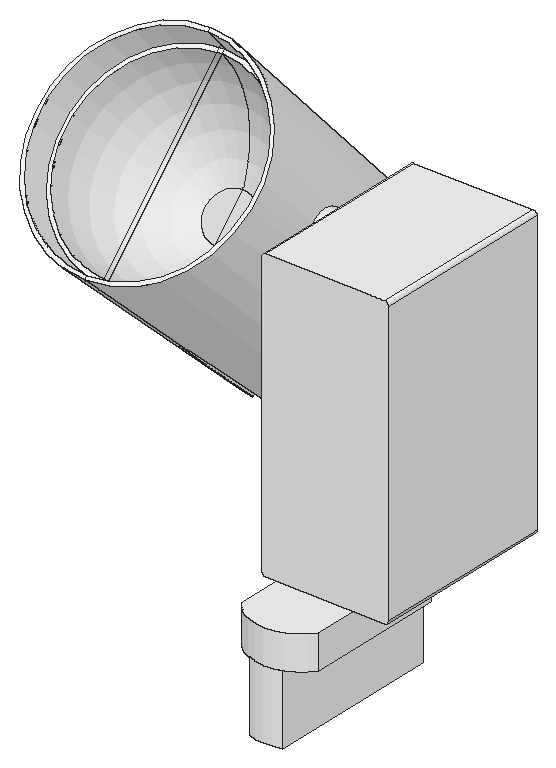
Revit family "0004925 Feilo Sylvania Lighting Fixture START TRACK SPOT S DALI 1944LM 930 MB WHT", category Lighting Fixtures, host Face, Revit 2017 (continued)
Definition of nested family "Start Track Spot Head"
  Types (96, lengths in mm): name | Wattage | built-in parameter 1150134 | Photometric Web File | Model | built-in parameter 1150105 | Lumens | built-in parameter 1150107 | built-in parameter 1150106 | HeadThickness_FEILO | HeadRibOffset_FEILO | HeadRibDepth_FEILO | HeadRibCutWidth_FEILO | HeadRibCutOffset_FEILO | HeadReflectorRadius_FEILO | HeadReflectorOffset_FEILO | HeadLEDRadius_FEILO | HeadHeight_FEILO | HeadDiffusorOffset_FEILO | HeadDiaOut_FEILO | HeadDiaIn_FEILO | HeadAxisFromTop_FEILO | Emit from Circle Diameter | built-in parameter 1150104 | Description | Apparent Load
    0004812 START TRACK SPOT S 14W 3K RA80 MB WHITE | 14 W | (empty or 0) | "0004812.ies" | "START TRACK SPOT S 14W 3K RA80 MB WHITE" | 120.32 (stored number, unit not read) | 1512 lm | 3000 (stored number, unit not read) | 1.2032 (stored number, unit not read) | 1.5 | 4.179 | 55.714 | 7.167 | 50.87 | 50.588 | 55.714 | 9.556 | 117 | 9.435 | 86 | 77.477 | 69.354 | 77.477 | 10.034 (stored number, unit not read) | "Integrated LED spotlight, Textured White - RAL9016, compact and minimalist design, ideal for retail applications, die-cast aluminium body, passive cooling heatsink. Beam angle: 36°, color temperature: 3000K , total system power: 14W, total fixture output: 1508 lm, LOR: 100%, colour rendering: Ra: 80 typical, LED Chromaticity: 3 step MacAdam ellipse, lifetime: >50000 hours at L70B50, energy class: A++, A+, A, IR/UV free light source without heat radiation, operating voltage: 220-240V / 50-60Hz, drive current: 350mA, electronic driver, non-dimmable, power factor: 0.92, electrical protection: Class II, Global Track 3 Phase adapter suitable for Global trac 3-circuit tracks, ingress protection rating: IP20, suitable for internal environment only, horizontal rotation: 355°, vertical tilt: 90°, dimensions: Ø86x140x200, weight: 0.940kg." | 14 VA
    0004811 START TRACK SPOT S 14W 3K RA80 NB WHITE | 14 W | (empty or 0) | "0004811.ies" | "START TRACK SPOT S 14W 3K RA80 NB WHITE" | 123.66 (stored number, unit not read) | 1554 lm | 3000 (stored number, unit not read) | 1.2366 (stored number, unit not read) | 1.5 | 4.179 | 55.714 | 7.167 | 50.87 | 50.588 | 55.714 | 9.556 | 117 | 9.435 | 86 | 77.477 | 69.354 | 77.477 | 10.312 (stored number, unit not read) | "Integrated LED spotlight, Textured White - RAL9016, compact and minimalist design, ideal for retail applications, die-cast aluminium body, passive cooling heatsink. Beam angle: 12°, color temperature: 3000K , total system power: 14W, total fixture output: 1551 lm, LOR: 100%, colour rendering: Ra: 80 typical, LED Chromaticity: 3 step MacAdam ellipse, lifetime: >50000 hours at L70B50, energy class: A++, A+, A, IR/UV free light source without heat radiation, operating voltage: 220-240V / 50-60Hz, drive current: 350mA, electronic driver, non-dimmable, power factor: 0.92, electrical protection: Class II, Global Track 3 Phase adapter suitable for Global trac 3-circuit tracks, ingress protection rating: IP20, suitable for internal environment only, horizontal rotation: 355°, vertical tilt: 90°, dimensions: Ø86x140x200, weight: 0.940kg." | 14 VA
  Reference planes
    plane 1 "Center (Front/Back)": y = 0
    plane 2: z = 0
    plane 3 "Center (Left/Right)": x = 0
    plane 4: x = 43
    plane 5: x = -43
    plane 6: x = -38.739
    plane 7: x = 38.739
    plane 8: z = 69.354
    plane 9: z = -47.646
    plane 10: x = -41.5
    plane 11: x = -37.239
    plane 12: z = -38.211
    plane 13: z = -35.211
    plane 14: z = 8.068
    plane 15: x = -9.556
    plane 16: x = -28.667
    plane 17: x = -19.111
    plane 18: x = -27.167
    plane 19: x = -17.611
    plane 20: x = -8.056
    plane 21: z = 13.64
    plane 22: x = -29.667
    plane 23: x = -26.167
    plane 24: x = -20.111
    plane 25: x = -16.611
    plane 26: x = -10.556
    plane 27: x = -7.056
    plane 28: x = -36.239
    plane 29: x = -40.5
    plane 30: z = 65.175
    plane 31: z = 60.997
    plane 32: z = 56.818
    plane 33: z = 18.484
    plane 34: y = -43
    plane 35: y = 43
    plane 36: y = 3.583
    plane 37: y = -3.583
    plane 38: y = -2.583
    plane 39: y = 2.583
    plane 40: y = 46
    plane 41: z = 13.5
    plane 42: z = -13.5
    plane 43: y = 39
    plane 44: x = 4.708
    plane 45: x = -2.458
    plane 46: x = -1.458
    plane 47: x = 1.458
  Forms (mm)
    Extrusion 1, solid
      sketch origin (4.2, 0, 0) x (1, 0, 0) y (0, 1, 0)
        loop
          line (-1219.2, 1219.2) -> (-1219.2, -1219.2) -> (1219.2, -1219.2) -> (1219.2, 1219.2) -> (-1219.2, 1219.2)
      from 0 to -68.017
    Revolve 2, solid, material <- "Material_1_FEILO", detail levels medium+fine
      sketch origin (0, 0, 0) x (1, 0, 0) y (0, 0, 1)
        loop
          line (-43, -47.646) -> (-41.5, -47.646) -> (-40.5, -35.211) -> (-38.739, -35.211)
          arc (-38.739, -35.211) -> (-30.16, -9.517) -> (-9.556, 8.068) r 50.588
          line (-9.556, 8.068) -> (0, 8.068) -> (0, 13.64) -> (-16.611, 13.64) -> (-17.611, 60.997) -> (-19.111, 60.997) -> (-20.111, 13.64) -> (-36.239, 13.64) -> (-37.239, 69.354) -> (-38.739, 69.354) -> (-43, -47.646)
        axis (0, 69.354) -> (0, -47.646)
      angle from 360 to 0
    Extrusion 3, void
      sketch origin (0, 0, 0) x (0, 1, 0) y (0, 0, 1)
        loop
          line (-3.583, 69.354) -> (-2.583, 18.484) -> (1.932, 18.484) -> (2.932, 69.354) -> (-3.583, 69.354)
      from 43 to -43
    Revolve 4, solid, material <- "Material_2_FEILO", detail levels medium+fine
      sketch origin (0, 0, 0) x (1, 0, 0) y (0, 0, 1)
        loop
          line (-41.5, -38.211) -> (0, -38.211) -> (0, -35.211) -> (-41.5, -35.211) -> (-41.5, -38.211)
        axis (0, -35.211) -> (0, -38.211)
      angle from 360 to 0
    Revolve 5, solid, material <- "Material_1_FEILO"
      sketch origin (0, 0, 0) x (0, 1, 0) y (0, 0, 1)
        loop
          line (46, 0) -> (39, 0) -> (39, -13.5) -> (46, -13.5) -> (46, 0)
        axis (39, 0) -> (46, 0)
      angle from 360 to 0
    Revolve 6, solid, material <- "Material_1_FEILO", detail levels medium+fine
      sketch origin (0, 0, 0) x (1, 0, 0) y (0, 0, 1)
        loop
          line (-29.667, 13.64) -> (-26.167, 13.64) -> (-27.167, 65.175) -> (-28.667, 65.175) -> (-29.667, 13.64)
        loop
          line (-10.556, 13.64) -> (-7.056, 13.64) -> (-7.833, 56.818) -> (-9.778, 56.818) -> (-10.556, 13.64)
        axis (0, 65.175) -> (0, 13.64)
      angle from 360 to 0
    Extrusion 7, void
      sketch origin (0, 0, 0) x (1, 0, 0) y (0, 0, 1)
        loop
          line (4.708, 69.354) -> (-2.458, 69.354) -> (-1.458, 13.64) -> (1.458, 13.64) -> (4.708, 69.354)
      from -43 to 43
    Revolve 8, solid, material <- "Material_1_FEILO", detail levels coarse
      sketch origin (0, 0, 0) x (1, 0, 0) y (0, 0, 1)
        loop
          line (0, 69.354) -> (-38.739, 69.354) -> (-43, -47.646) -> (-41.5, -47.646) -> (-40.731, -38.211) -> (0, -38.211) -> (0, 69.354)
        axis (0, 69.354) -> (0, -47.646)
      angle from 360 to 0
  Cuts and joins
    Extrusion 3 cuts Revolve 2
    Extrusion 7 cuts Revolve 6
  Dimensions and locks
    equal spacing: plane 7, plane 3 "Center (Left/Right)", plane 6
    equal spacing: plane 4, plane 3 "Center (Left/Right)", plane 5
    "HeadDiaOut_FEILO": plane 4 to plane 5
    "HeadDiaIn_FEILO": plane 7 to plane 6
    "HeadHeight_FEILO": plane 8 to plane 9
    "HeadThickness_FEILO": plane 10 to plane 5
    "HeadThickness_FEILO": plane 11 to plane 6
    "HeadDiffusorOffset_FEILO": plane 12 to plane 9
    "HeadDiffusorThickness_FEILO": plane 13 to plane 12
    "HeadReflectorOffset_FEILO": plane 14 to plane 9
    "HeadLEDRadius_FEILO": plane 3 "Center (Left/Right)" to plane 15
    "HeadLEDRadius_FEILO": plane 15 to plane 17
    "HeadLEDRadius_FEILO": plane 17 to plane 16
    "HeadThickness_FEILO": plane 18 to plane 16
    "HeadThickness_FEILO": plane 19 to plane 17
    "HeadThickness_FEILO": plane 20 to plane 15
    "HeadRibDepth_FEILO": plane 8 to plane 21
    "HeadDraft_FEILO": plane 16 to plane 22
    "HeadDraft_FEILO": plane 23 to plane 18
    "HeadDraft_FEILO": plane 17 to plane 24
    "HeadDraft_FEILO": plane 25 to plane 19
    "HeadDraft_FEILO": plane 15 to plane 26
    "HeadDraft_FEILO": plane 27 to plane 20
    "HeadDraft_FEILO": plane 29 to plane 10
    "HeadDraft_FEILO": plane 28 to plane 11
    "HeadRibOffset_FEILO": plane 8 to plane 30
    "HeadRibOffset_FEILO": plane 30 to plane 31
    "HeadRibOffset_FEILO": plane 31 to plane 32
    "HeadAxisFromTop_FEILO": plane 8 to plane 2
    "HeadRibCutOffset_FEILO": plane 8 to plane 33
    equal spacing: plane 34, plane 1 "Center (Front/Back)", plane 35
    "HeadDiaOut_FEILO": plane 34 to plane 35
    equal spacing: plane 38, plane 1 "Center (Front/Back)", plane 39
    equal spacing: plane 37, plane 1 "Center (Front/Back)", plane 36
    "HeadRibCutWidth_FEILO": plane 37 to plane 36
    "HeadDraft_FEILO": plane 37 to plane 38
    locked: plane 35 to plane 40 at 3
    equal spacing: plane 41, plane 2, plane 42
    locked: plane 42 to plane 41 at 27
    locked: plane 43 to plane 35 at 4
    equal spacing: plane 45, imposter light, plane 44
    "HeadDraft_FEILO": plane 46 to plane 45
    "HeadRibCutWidth_FEILO": plane 44 to plane 45
    equal spacing: plane 47, plane 3 "Center (Left/Right)", plane 46
    "HeadReflectorRadius_FEILO": radius of Revolve 2 sketch curve
    aligned and locked: plane 2 to Extrusion 1
    aligned and locked: level to Extrusion 1
    aligned and locked: Revolve 2 sketch curve to plane 3 "Center (Left/Right)"  (x2)
    aligned and locked: plane 9 to Revolve 2 sketch curve  (x2)
    aligned and locked: plane 5 to Revolve 2 sketch curve
    aligned and locked: plane 10 to Revolve 2 sketch curve
    aligned and locked: plane 14 to Revolve 2 sketch curve
    aligned and locked: plane 8 to Revolve 2 sketch curve
    aligned and locked: Revolve 2 sketch curve to plane 13
    aligned and locked: plane 12 to Revolve 4 sketch curve
    aligned and locked: plane 3 "Center (Left/Right)" to Revolve 4 sketch curve
    aligned and locked: Revolve 4 sketch curve to plane 10
    aligned and locked: Revolve 4 sketch curve to plane 3 "Center (Left/Right)"
    aligned and locked: plane 12 to imposter light
    aligned and locked: imposter light to plane 1 "Center (Front/Back)"
    aligned and locked: Revolve 5 sketch curve to plane 2
    aligned and locked: plane 43 to Revolve 5 sketch curve
    aligned and locked: plane 42 to Revolve 5 sketch curve
    aligned and locked: Revolve 6 sketch curve to plane 3 "Center (Left/Right)"
    aligned and locked: plane 22 to Revolve 6 sketch curve
    aligned and locked: plane 30 to Revolve 6 sketch curve
    aligned and locked: plane 23 to Revolve 6 sketch curve
    aligned and locked: Revolve 6 sketch curve to plane 21  (x2)
    aligned and locked: plane 21 to Revolve 6 sketch curve
    aligned and locked: plane 17 to Revolve 2 sketch curve
    aligned and locked: plane 19 to Revolve 2 sketch curve
    aligned and locked: plane 31 to Revolve 2 sketch curve
    aligned and locked: plane 21 to Revolve 2 sketch curve
    aligned and locked: Extrusion 3 to plane 8
    aligned and locked: plane 33 to Extrusion 3
    aligned and locked: plane 8 to Extrusion 3 sketch curve
    aligned and locked: Extrusion 3 sketch curve to plane 33
    aligned and locked: Extrusion 3 to plane 5
    aligned and locked: plane 4 to Extrusion 3
    aligned and locked: plane 32 to Revolve 6 sketch curve
    aligned and locked: plane 44 to Extrusion 7 sketch curve
    aligned and locked: Extrusion 7 sketch curve to plane 8
    aligned and locked: plane 46 to Extrusion 7 sketch curve
    aligned and locked: plane 21 to Extrusion 7 sketch curve
    aligned and locked: plane 34 to Extrusion 7
    aligned and locked: Extrusion 7 to plane 35
    aligned and locked: Revolve 4 sketch curve to plane 13
    aligned and locked: Revolve 5 sketch curve to plane 40
    aligned and locked: Revolve 8 sketch curve to plane 3 "Center (Left/Right)"
    aligned and locked: Revolve 8 sketch curve to cut or joined group of Revolve 2, Extrusion 3  (x3)
    aligned and locked: plane 5 to Revolve 8 sketch curve
    aligned and locked: plane 3 "Center (Left/Right)" to Revolve 8 sketch curve
    aligned and locked: plane 12 to Revolve 8 sketch curve
  Automatic sketch dimensions
    Extrusion 1 sketch curve to Extrusion 1 sketch curve = 2438.4 mm  (x2)
    Extrusion 3 sketch curve to plane 37 = 0 mm
    Extrusion 3 sketch curve to plane 38 = 0 mm
    plane 39 to Extrusion 3 sketch curve = 0.651 mm
    Extrusion 3 sketch curve to plane 39 = 0.349 mm
    Revolve 6 sketch curve to plane 16 = 0 mm
    Revolve 6 sketch curve to plane 18 = 0 mm
    Revolve 6 sketch curve to plane 26 = 0 mm
    Revolve 6 sketch curve to plane 27 = 0 mm
    Revolve 6 sketch curve to plane 15 = 0.222 mm
    plane 9 to Revolve 6 sketch curve = 559.103 mm
    Revolve 6 sketch curve to plane 8 = 2535.555 mm
    plane 20 to Revolve 6 sketch curve = 0.222 mm
    Revolve 2 sketch curve to plane 29 = 0 mm
    Revolve 2 sketch curve to plane 6 = 0 mm  (x2)
    Revolve 2 sketch curve to plane 11 = 0 mm
    Revolve 2 sketch curve to plane 21 = 0 mm
    Revolve 2 sketch curve to plane 28 = 0 mm
    Revolve 2 sketch curve to plane 24 = 0 mm
    Revolve 2 sketch curve to plane 25 = 0 mm
    Revolve 2 sketch curve to plane 15 = 0 mm
    Revolve 2 sketch curve to Revolve 2 sketch curve = 557.155 mm
    Revolve 2 sketch curve to plane 8 = 2535.558 mm
    Extrusion 7 sketch curve to plane 45 = 0 mm
    Extrusion 7 sketch curve to plane 47 = 0 mm
    plane 9 to Revolve 4 sketch curve = 559.103 mm
    Revolve 4 sketch curve to plane 8 = 2535.555 mm
    Revolve 5 sketch curve to level = 0 mm
    plane 34 to Revolve 5 sketch curve = 1968.092 mm
    Revolve 5 sketch curve to plane 40 = 1405.763 mm
    Revolve 8 sketch curve to plane 6 = 0 mm
    Revolve 8 sketch curve to plane 29 = 0.231 mm
    plane 9 to Revolve 8 sketch curve = 559.103 mm
    Revolve 8 sketch curve to Revolve 8 sketch curve = 2535.555 mm
Definition of nested family "Start Track Spot Box"
  Parameters (values of type "Type Large White")
    URL = "http://www.feilosylvania.com"
    Type Image = (empty or 0)
    Type Comments = "n/a"
    Small_FEILO = no
    Material_3_FEILO = none
    Model = ""
    Manufacturer = "Feilo Sylvania"
    Keynote = ""
    Material_2_FEILO = none
    Description = ""
    Default Elevation = 1219.2 mm
    Cost = 0
    Material_1_FEILO = none
    BoxWidth_FEILO = 49 mm
    BoxStartAngle_FEILO [instance] = 0.00°
    BoxRadius_FEILO = 1.5 mm
    BoxHeight_FEILO = if(Small_FEILO, 112 mm, 136 mm)  # 136 mm
    BoxEndAngle_FEILO [instance] = BoxStartAngle_FEILO - 180.00°  # -180.00°
    BoxDepth_FEILO = if(Small_FEILO, 71.5 mm, 79 mm)  # 79 mm
    BoxAxisVerticalOffset_FEILO = 16 mm
    BoxAxisOffset_FEILO = BoxHeight_FEILO / 6.8  # 20 mm
    Assembly Code = ""
    Material_4_FEILO = none
  Types (4, lengths in mm): name | Small_FEILO | BoxHeight_FEILO | BoxDepth_FEILO | BoxAxisOffset_FEILO
    Type Large White | no | 136 | 79 | 20
    Type Small White | yes | 112 | 71.5 | 16.471
    Type Small Black | yes | 112 | 71.5 | 16.471
    Type Large Black | no | 136 | 79 | 20
  Reference planes
    plane 1 "Center (Front/Back)": y = 0
    plane 2: z = 0
    plane 3 "Center (Left/Right)": x = 0
    plane 4: x = 24.5
    plane 5: x = -24.5
    plane 6: y = 68
    plane 7: y = -68
    plane 8: z = 39.5
    plane 9: z = -39.5
    plane 10: y = -48
    plane 11: x = 30.5
    plane 12: x = 8.5
    plane 13: x = 21.5
    plane 14: y = 70
    plane 15: y = 72
    plane 16: x = 19.5
  Forms (mm)
    Extrusion 1, solid
      sketch origin (4.2, 0, 0) x (1, 0, 0) y (0, 1, 0)
        loop
          line (-1219.2, 1219.2) -> (-1219.2, -1219.2) -> (1219.2, -1219.2) -> (1219.2, 1219.2) -> (-1219.2, 1219.2)
      from 0 to -68.017
    Extrusion 2, solid, material <- "Material_1_FEILO"
      sketch origin (0, 0, 0) x (1, 0, 0) y (0, 1, 0)
        loop
          arc (-23, 68) -> (-24.061, 67.561) -> (-24.5, 66.5) r 1.5
          line (-24.5, 66.5) -> (-24.5, -66.5)
          arc (-24.5, -66.5) -> (-24.061, -67.561) -> (-23, -68) r 1.5
          line (-23, -68) -> (23, -68)
          arc (23, -68) -> (24.061, -67.561) -> (24.5, -66.5) r 1.5
          line (24.5, -66.5) -> (24.5, 66.5)
          arc (24.5, 66.5) -> (24.061, 67.561) -> (23, 68) r 1.5
          line (23, 68) -> (-23, 68)
      from -39.5 to 39.5
    Revolve 3, solid, not visible
      sketch origin (0, 0, 0) x (1, 0, 0) y (0, 1, 0)
        loop
          line (30.5, -48) -> (24.5, -48) -> (24.5, -68) -> (30.5, -68) -> (30.5, -48)
        axis (30.5, -48) -> (24.5, -48)
      angle from 0 <- "BoxStartAngle_FEILO" to -180 <- "BoxEndAngle_FEILO"
    Revolve 4, solid, material <- "Material_2_FEILO"
      sketch origin (0, 0, 0) x (1, 0, 0) y (0, 1, 0)
        loop
          line (8.5, 68) -> (19.5, 68) -> (19.5, 70) -> (21.5, 70) -> (21.5, 72) -> (8.5, 72) -> (8.5, 68)
        axis (8.5, 72) -> (8.5, 68)
      angle from 360 to 0
  Dimensions and locks
    equal spacing: plane 5, plane 3 "Center (Left/Right)", plane 4
    "BoxWidth_FEILO": plane 5 to plane 4
    equal spacing: plane 7, plane 1 "Center (Front/Back)", plane 6
    "BoxHeight_FEILO": plane 7 to plane 6
    equal spacing: plane 8, plane 2, plane 9
    "BoxDepth_FEILO": plane 8 to plane 9
    "BoxAxisOffset_FEILO": plane 7 to plane 10
    locked: plane 4 to plane 11 at 6
    "BoxAxisVerticalOffset_FEILO": plane 12 to plane 4
    locked: plane 12 to plane 13 at 13
    plane 6 to plane 14 to plane 15 = 2 mm locked, 2 mm locked
    locked: plane 12 to plane 16 at 11
    "BoxRadius_FEILO": radius of Extrusion 2 sketch curve  (x4)
    aligned and locked: plane 2 to Extrusion 1
    aligned and locked: level to Extrusion 1
    aligned and locked: plane 6 to Extrusion 2 sketch curve
    aligned and locked: plane 5 to Extrusion 2 sketch curve
    aligned and locked: Extrusion 2 sketch curve to plane 7
    aligned and locked: Extrusion 2 sketch curve to plane 4
    aligned and locked: Extrusion 2 to plane 8
    aligned and locked: plane 9 to Extrusion 2
    aligned and locked: Revolve 3 sketch curve to plane 10  (x2)
    aligned and locked: plane 11 to Revolve 3 sketch curve
    aligned and locked: Revolve 3 sketch curve to plane 4
    aligned and locked: plane 7 to Revolve 3 sketch curve
    aligned and locked: Revolve 4 sketch curve to plane 12
    aligned and locked: plane 6 to Revolve 4 sketch curve
    aligned and locked: plane 12 to Revolve 4 sketch curve
    aligned and locked: plane 15 to Revolve 4 sketch curve
    aligned and locked: Revolve 4 sketch curve to plane 13
    aligned and locked: Revolve 4 sketch curve to plane 14
    aligned and locked: Revolve 4 sketch curve to plane 16
    aligned and locked: Revolve 4 sketch curve to plane 6
  Automatic sketch dimensions
    Extrusion 1 sketch curve to Extrusion 1 sketch curve = 2438.4 mm  (x2)
    Revolve 3 sketch curve to plane 5 = 1499.5 mm
    plane 11 to Revolve 3 sketch curve = 1493.5 mm
    plane 15 to Revolve 4 sketch curve = 0 mm
    plane 7 to Revolve 4 sketch curve = 1456 mm
    Revolve 4 sketch curve to plane 15 = 1452 mm
